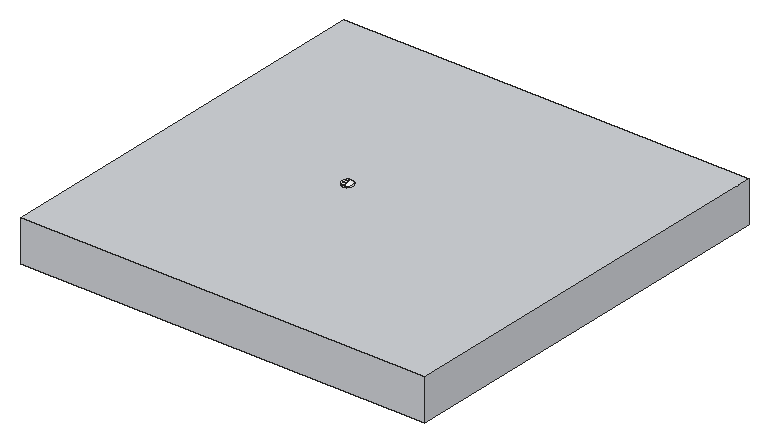
Revit family "Zumtobel ED-EYE", category Lighting Fixtures, host Face, Revit 2018
Family settings
  Host = Face
  Round Connector Dimension = Use Diameter
  Part Type = Normal
  OmniClass Number = 23.80.70.11
  OmniClass Title = Luminaries for Internal Lighting
  Cut with Voids When Loaded = No
  Light Source = No
  Shared = No
  Room Calculation Point = No
Parameters (values of type "ED-SENS TEC-GP WH")
  Width = 80 mm  # constant formula
  Wattage Comments = ""
  URL = "http://www.zumtobel.com/22154682"
  Type Comments = "© Zumtobel. We reserve the right to make technical changes without prior notice."  # constant formula
  Height = 80 mm  # constant formula
  Depth = 24 mm  # constant formula
  Model = "22154682"
  Manufacturer = "Zumtobel Lighting"  # constant formula
  Lamp = ""
  Description = "Ceiling sensor for detecting daylight in the room entering through the window; for connection to DIMLITE, LITENET and LITECOM; uses standard installation parts."  # constant formula
  Default Elevation = 0 mm
  Body = ZG_Metal_White
  Assembly Code = "D5020200"
  Apparent Load = 0 VA
Reference planes
  plane 1 "Center (Front/Back)": y = 0
  plane 2 "Bottom": z = 0
  plane 3 "Center (Left/Right)": x = -735.5
  plane 4: z = 24
  plane 5 "Right": x = -611.5
  plane 6: x = -780
  plane 7: x = -691
Forms (mm)
  Extrusion 1, solid
    sketch origin (123, 0, 0) x (1, 0, 0) y (0, 1, 0)
      loop
        line (-2085.5, 1500) -> (-2085.5, -1500) -> (914.5, -1500) -> (914.5, 1500) -> (-2085.5, 1500)
    from 0 to -304.8
  Revolve 2, solid, material "ZG_Metal_White" <- "Body"
    sketch origin (-735.5, 0, -57.072) x (0, -1, 0) y (0, 0, 1)
      loop
        line (0, 57.072) -> (0, 81.072)
        arc (0, 81.072) -> (-22.142, 76.081) -> (-40, 62.072) r 51.605
        line (-40, 62.072) -> (-40, 57.072) -> (0, 57.072)
      axis (0, 81.072) -> (0, 57.072)
    angle from 0 to 360
  Extrusion 3, solid, material "ZG_Metal_White" <- "Body"
    sketch origin (-735.5, 0, -57.072) x (0, -1, 0) y (0, 0, 1)
      loop
        line (0, 81.072) -> (0, 66.072) -> (36.292, 66.072) -> (27.632, 81.072) -> (0, 81.072)
    from -10 to 10
Cuts and joins
  joined: Revolve 2, Extrusion 3
Lines and regions (mm)
  symbolic lines, not visible, detail levels coarse
    curve 1: line (-735.5, 80, 0) -> (-735.5, -80, 0)
    curve 2: line (-735.5, 80, 0) -> (-735.5, -80, 0)
Dimensions and locks
  locked: plane 4 to level at 24
  plane 3 "Center (Left/Right)" to plane 5 "Right" = 124 mm
  aligned and locked: plane 2 "Bottom" to Extrusion 1
  aligned and locked: level to Extrusion 1
